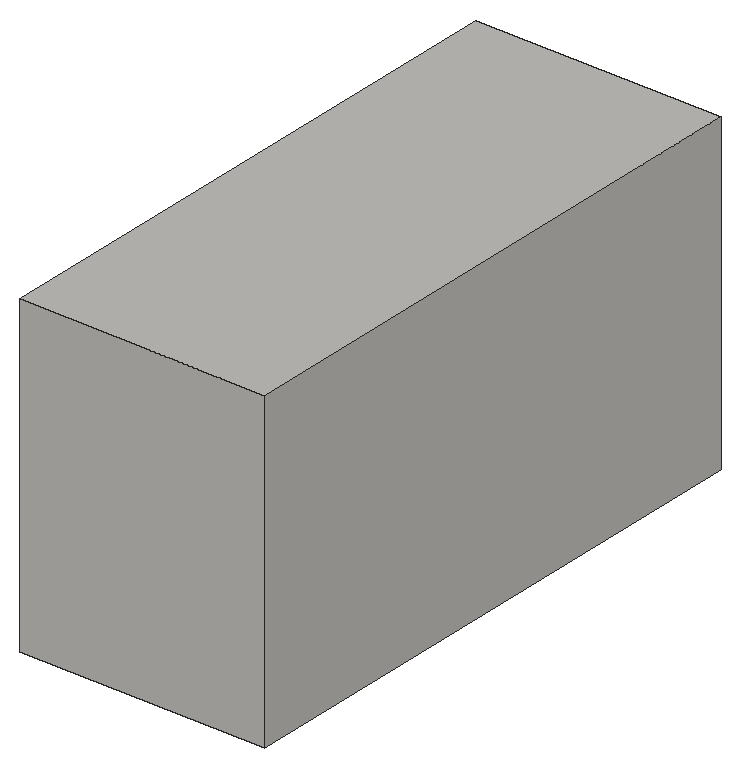
Revit family "Bench_Square-Rect_Noble", category Specialty Equipment, host Face, Revit 2016
Family settings
  Host = Face
  Part Type = Normal
  Round Connector Dimension = Use Diameter
  OmniClass Number = 23.45.55.21
  OmniClass Title = Drains (Wastes)
  Cut with Voids When Loaded = No
  Shared = No
  Room Calculation Point = No
Parameters (values of type "Rectangular Bench #411")
  Width = 15 1/2"
  URL = "www.noblecompany.com"
  Type Comments = ""
  Tile [instance] = Stainless Steel - Brushed
  Product Properties = "http://www.noblecompany.com/Portals/0/PRODUCT%20INFO/Product%20Descriptions/FreeStyle%20Linear%20Drain%20Product%20Decription%200410.pdf"
  Product Data = "http://www.noblecompany.com/Products/ShowerProducts/tabid/59/Default.aspx"
  Model = ""
  Manufacturer Phone - Toll Free = "800-878-5788"
  Manufacturer Phone = "231-799-8000"
  Manufacturer Fax = "231-799-8850"
  Manufacturer Email = "mailto:sales@noblecompany.com"
  Manufacturer Address = "7300 Enterprise Drive, Spring Lake, MI  49456 USA"
  Manufacturer = "Noble Company"
  Length = 36"
  Installation-Fabrication = "http://www.noblecompany.com/Portals/0/PRODUCT%20INFO/Product%20Descriptions/FreeStyle%20Linear%20Drain%20Product%20Decription%200410.pdf"
  Height = 20"
  Description = "Freestyle 24 ABS - Wave Linear Drain"
  Building Codes = "http://www.noblecompany.com/Portals/0/TECHNICAL%20INFO/Listing_Testing_Certification_Reports/PMG-1065%20Noble%20Company%20Linear%20Drain%20final%202.pdf"
  Base = Polymer coated Expanded Polystyrene
  Assembly Code = "D2030300"
  Default Elevation = 0"
Types (3): name | Width | Length
  Square Bench #404 | 11 1/2" | 11 1/2"
  Rectangular Bench #411 | 15 1/2" | 36"
  Rectangular Bench #412 | 11 1/2" | 36"
Reference planes (in)
  plane 1 "Center (Front/Back)": y = 0
  plane 2: z = 0
  plane 3 "Center (Left/Right)": x = 0
  plane 4: x = 15.5
  plane 5: y = 36
  plane 6: z = 20
Forms (in)
  Extrusion 1, solid, material "Polymer coated Expanded Polystyrene" <- "Base"
    sketch origin (0, 0, 0) x (1, 0, 0) y (0, 1, 0)
      loop
        line (0, 36) -> (0, 0) -> (15.5, 0) -> (15.5, 36) -> (0, 36)
    from 0 to 20
Dimensions and locks (in)
  "Height": plane 6 to level
  "Length": plane 1 "Center (Front/Back)" to plane 5
  "Width": plane 3 "Center (Left/Right)" to plane 4
  aligned and locked: plane 2 to host face
  aligned and locked: level to host face
  aligned and locked: plane 6 to Extrusion 1
Automatic sketch dimensions
  host sketch curve to host sketch curve = 97.52679"
  host sketch curve to host sketch curve = 96"
  plane 1 "Center (Front/Back)" to Extrusion 1 sketch curve = 0"
  Extrusion 1 sketch curve to plane 3 "Center (Left/Right)" = 0"
  Extrusion 1 sketch curve to plane 4 = 0"
  Extrusion 1 sketch curve to plane 5 = 0"
